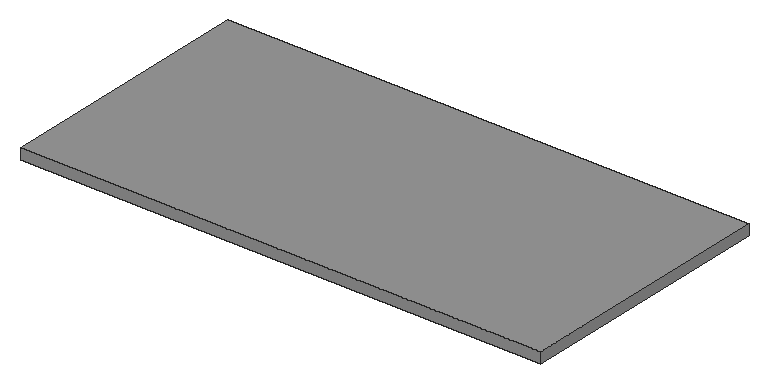
Revit family "Fabrisorb Panels - Square", category Generic Models, Revit 2016
Family settings
  Part Type = Normal
  Can host rebar = No
  Round Connector Dimension = Use Diameter
  Work Plane-Based = Yes
  Always vertical = No
  Cut with Voids When Loaded = No
  Shared = No
  Room Calculation Point = No
Parameters (values of type "2 INCH THICK - 48X96")
  URL = "https://www.acousticalsurfaces.com/fabric_panel/fabric-wrapped-wall-panels.html"
  Thickness = 0' - 2"
  Material = "Fabrisorb"
  Manufacturer = "Acoustical Surfaces, Inc."
  Finish = Guilford of Maine Anchorage or FR701 Acoustic Fabric
  Default Elevation = 4' - 0"
  Width = 4' - 0"
  Length = 8' - 0"
  A = Thickness / 2  # 0' - 1"
Types (6): name | Thickness | Width | Length | A
  2 INCH THICK - 48X96 | 0' - 2" | 4' - 0" | 8' - 0" | 0' - 1"
  2 INCH THICK - 24X48 | 0' - 2" | 2' - 0" | 4' - 0" | 0' - 1"
  2 INCH THICK - 24X24 | 0' - 2" | 2' - 0" | 2' - 0" | 0' - 1"
  1 INCH THICK - 48X96 | 0' - 1" | 4' - 0" | 8' - 0" | 0' - 0 1/2"
  1 INCH THICK - 24X48 | 0' - 1" | 2' - 0" | 4' - 0" | 0' - 0 1/2"
  1 INCH THICK - 24X24 | 0' - 1" | 2' - 0" | 2' - 0" | 0' - 0 1/2"
Reference planes (in)
  plane 1 "Center (Front/Back)": y = 0
  plane 2: z = 0
  plane 3 "Center (Left/Right)": x = 0
  plane 4: x = -48
  plane 5: x = 48
  plane 6: y = 24
  plane 7: y = -24
  plane 8: z = 2
Forms (in)
  Extrusion 1, solid, material "Guilford of Maine Anchorage or FR701 Acoustic Fabric" <- "Finish"
    sketch origin (0, 0, 0) x (1, 0, 0) y (0, 1, 0)
      loop
        line (48, 24) -> (-48, 24) -> (-48, -24) -> (48, -24) -> (48, 24)
    from 0 to 2
Dimensions and locks (in)
  equal spacing: plane 4, plane 3 "Center (Left/Right)", plane 5
  equal spacing: plane 7, plane 1 "Center (Front/Back)", plane 6
  "Width": plane 7 to plane 6
  "Length": plane 4 to plane 5
  "Thickness": plane 8 to level
  aligned and locked: level to plane 2
  aligned and locked: Extrusion 1 sketch curve to plane 4
  aligned and locked: plane 5 to Extrusion 1 sketch curve
  aligned and locked: Extrusion 1 sketch curve to plane 6
  aligned and locked: Extrusion 1 sketch curve to plane 7
  aligned and locked: Extrusion 1 to plane 8
